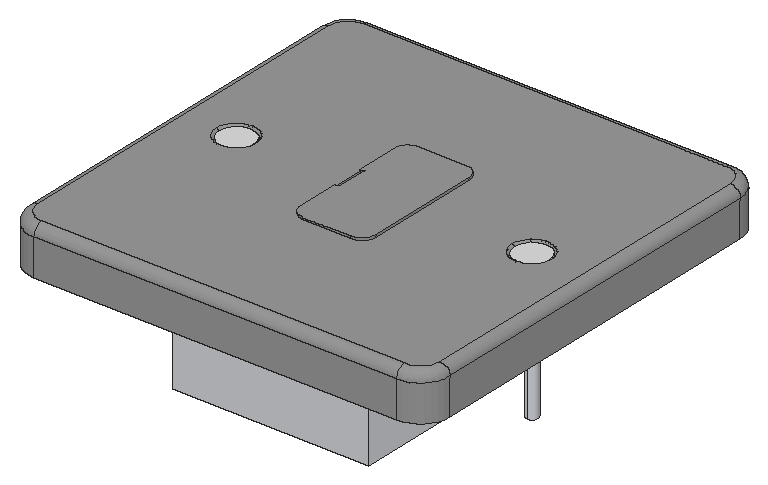
Revit family "ElectricalFixture_WiringAccessories_Hager_Sollysta_PartM_UnSwitchedRedFusedConnectionUnits", category Electrical Fixtures, host Face, Revit 2015
Parameters (values of type "WMSU83R")
  Warranty ID = ""
  Voltage (Volts) = "230V/240V"
  Unique Reference = "WMSSU83RR"
  Type = "ElectricalFixture"
  Technical Description = Description  # "13AFCUUnswitchedWithRedFacePlate"
  Switch = yes
  Supply Phase = "1"
  Size = ""
  Shipping Weight kg = "0.188"
  Shape = "Rectangular"
  RockerMaterial = Hager_RedPartM
  Reference Standard = "BS 1363-2"
  Product URL = "http://www.hager.co.uk/product-catalogue/wiring-accessories/sollysta/white-moulded/white-moulded-sockets/58428.htm"
  Product Range = "Sollysta"
  Product Model Number = "WMSU83R"
  Product Literature = "http://www.hager.co.uk/product-catalogue/wiring-accessories/sollysta/38662.htm"
  Product Group = "WiringAccessories"
  Product Family = "PartMFusedConnectionUnits"
  Packaging Recyclable = yes
  Overall Width = Overall Length  # 86.0 mm
  Overall Length = 86.0 mm
  Overall Height = 86.0 mm
  Overall Depth = 26.07 mm
  Operation and Maintenance Manual = ""
  Name = "PartMFusedConnectionUnits_WMSU83R"
  Measurement Units = "mm"
  Material = Hager_RedPartM
  Manufacturer Website = "http://www.hager.co.uk/"
  Manufacturer Country = "United Kingdom"
  Manufacturer = "Hager"
  LED Indicator Switch = no
  Gross Weight kg = "0.165"
  Frequency = "50/60Hz"
  Flex Outlet = no
  Finish = "Gloss"
  Features = Description  # "13AFCUUnswitchedWithRedFacePlate"
  FaceMaterial = Hager_RedPartM
  Extrusion From Wall = 11.921 mm
  Expected Life = "25 years"
  EAN Code = "5015654759612"
  Design Country = "China"
  Description = "13AFCUUnswitchedWithRedFacePlate"
  Default Elevation = 1219.2 mm
  Colour = "PartMRed"
  CE Approval = yes
Reference planes
  plane 1 "Center (Front/Back)": y = 0
  plane 2: z = 0
  plane 3 "Center (Left/Right)": x = 0
  plane 4: y = -43
  plane 5: y = 43
  plane 6: x = -137
  plane 7: x = -51
  plane 8: z = 9.47
  plane 9: z = -16.6
  plane 10: z = 11.921
  plane 11: y = -471.393
  plane 12: z = -20.53
  plane 13: x = -124.15
  plane 14: x = -63.85
  plane 15: x = -93.992
Forms (mm)
  Extrusion 1, solid, material "Hager_RedPartM" <- "FaceMaterial", detail levels fine
    sketch origin (0, 0, 0) x (1, 0, 0) y (0, 1, 0)
      loop
        arc (-137, -37.005) -> (-135.244, -41.244) -> (-131.005, -43) r 5.995
        line (-131.005, -43) -> (-57.017, -43)
        arc (-57.017, -43) -> (-52.762, -41.238) -> (-51, -36.983) r 6.017
        line (-51, -36.983) -> (-51, 37.035)
        arc (-51, 37.035) -> (-52.747, 41.253) -> (-56.965, 43) r 5.965
        line (-56.965, 43) -> (-131.018, 43)
        arc (-131.018, 43) -> (-135.248, 41.248) -> (-137, 37.018) r 5.982
        line (-137, 37.018) -> (-137, -37.005)
      loop
        circle (-124.15, 0) r 3.228
      loop
        circle (-63.85, 0) r 3.228
      loop
        line (-86.323, -11.794) -> (-86.323, 11.928)
        arc (-86.323, 11.928) -> (-87.145, 13.914) -> (-89.131, 14.736) r 2.808
        line (-89.131, 14.736) -> (-98.84, 14.736)
        arc (-98.84, 14.736) -> (-100.774, 13.935) -> (-101.575, 12.001) r 2.735
        line (-101.575, 12.001) -> (-101.575, -11.881)
        arc (-101.575, -11.881) -> (-100.785, -13.786) -> (-98.88, -14.576) r 2.694
        line (-98.88, -14.576) -> (-89.104, -14.576)
        arc (-89.104, -14.576) -> (-87.137, -13.761) -> (-86.323, -11.794) r 2.781
    from 0 to 9.47
  Sweep 2, void
    path origin (0, 0, 0) x (1, 0, 0) y (0, 1, 0)
      loop
        line (-137, 37.018) -> (-137, -37.005)
        arc (-137, -37.005) -> (-135.244, -41.244) -> (-131.005, -43) r 5.995
        line (-131.005, -43) -> (-57.017, -43)
        arc (-57.017, -43) -> (-52.762, -41.238) -> (-51, -36.983) r 6.017
        line (-51, -36.983) -> (-51, 37.035)
        arc (-51, 37.035) -> (-52.747, 41.253) -> (-56.965, 43) r 5.965
        line (-56.965, 43) -> (-131.018, 43)
        arc (-131.018, 43) -> (-135.248, 41.248) -> (-137, 37.018) r 5.982
    profile origin (-137, 0.007, 0) x (1, 0, 0) y (0, 0, 1)
      loop
        line (0, 9.47) -> (0, 7.462)
        arc (0, 7.462) -> (0.588, 8.882) -> (2.008, 9.47) r 2.008
        line (2.008, 9.47) -> (0, 9.47)
  Sweep 3, void
    path origin (0, 0, 0) x (1, 0, 0) y (0, 1, 0)
      loop
        circle (-63.85, 0) r 3.228
    profile origin (-63.85, 3.228, 0) x (0, -1, 0) y (0, 0, 1)
      loop
        line (0, 9.47) -> (-0.814, 9.47)
        arc (-0.814, 9.47) -> (-0.347, 9.123) -> (0, 8.656) r 2
        line (0, 8.656) -> (0, 9.47)
  Sweep 4, void
    path origin (0, 0, 0) x (1, 0, 0) y (0, 1, 0)
      loop
        circle (-124.15, 0) r 3.228
    profile origin (-124.15, 3.228, 0) x (0, 1, 0) y (0, 0, 1)
      loop
        line (0, 9.47) -> (0, 8.656)
        arc (0, 8.656) -> (0.346, 9.124) -> (0.814, 9.47) r 1.964
        line (0.814, 9.47) -> (0, 9.47)
  Extrusion 5, solid, material "Steel, Chrome Plated", detail levels fine
    sketch origin (0, 0, 0) x (1, 0, 0) y (0, 1, 0)
      loop
        circle (-124.15, 0) r 3.542
    from -1.167 to 9.196
  Extrusion 6, solid, material "Steel, Chrome Plated", detail levels fine
    sketch origin (0, 0, 0) x (-1, 0, 0) y (0, -1, 0)
      loop
        circle (63.85, 0) r 3.542
    from -1.167 to 9.196
  Extrusion 7, solid, detail levels medium
    sketch origin (0, 0, 0) x (1, 0, 0) y (0, 1, 0)
      loop
        line (-137, 43) -> (-137, -43) -> (-51, -43) -> (-51, 43) -> (-137, 43)
    from 0 to 9.47
  Extrusion 8, solid
    sketch origin (-184.307, 0, -1.167) x (0, 1, 0) y (-1, 0, 0)
      loop
        circle (0, -60.15) r 1.2
    from 0 to 19.363
  Extrusion 9, solid
    sketch origin (0, 0, -1.167) x (0, -1, 0) y (1, 0, 0)
      loop
        circle (0, -63.85) r 1.2
    from 0 to 19.363
  Extrusion 10, solid, material "Urea Formaldehyde Thermoset Plastic", detail levels medium
    sketch origin (0, 0, 0) x (1, 0, 0) y (0, 1, 0)
      loop
        line (-137, -43) -> (-51, -43) -> (-51, 43) -> (-137, 43) -> (-137, -43)
    from 0 to 9.47
  Extrusion 11, solid, material "Urea Formaldehyde Thermoset Plastic", visible <- "Flex Outlet", detail levels fine
    sketch origin (0, 0, 0) x (1, 0, 0) y (0, 1, 0)
      loop
        circle (-115.967, -26.562) r 4
    from 9.47 to 9.835
  Extrusion 12, solid, material "Urea Formaldehyde Thermoset Plastic", detail levels fine
    sketch origin (-0.01, 0, 0) x (1, 0, 0) y (0, 1, 0)
      loop
        arc (-101.565, -11.881) -> (-100.775, -13.786) -> (-98.87, -14.576) r 2.694
        line (-98.87, -14.576) -> (-89.094, -14.576)
        arc (-89.094, -14.576) -> (-87.127, -13.761) -> (-86.313, -11.794) r 2.781
        line (-86.313, -11.794) -> (-86.313, 11.928)
        arc (-86.313, 11.928) -> (-87.135, 13.914) -> (-89.121, 14.736) r 2.808
        line (-89.121, 14.736) -> (-98.83, 14.736)
        arc (-98.83, 14.736) -> (-100.764, 13.935) -> (-101.565, 12.001) r 2.735
        line (-101.565, 12.001) -> (-101.565, 3.261) -> (-100.611, 3.261) -> (-100.611, -3.031) -> (-101.565, -3.031) -> (-101.565, -11.881)
    from 7.698 to 9.835
  Extrusion 13, solid
    sketch origin (0, 0, 0) x (1, 0, 0) y (0, 1, 0)
      loop
        line (-113.912, 29.388) -> (-113.912, -28.916) -> (-74.052, -28.916) -> (-74.052, 29.388) -> (-113.912, 29.388)
    from -20.53 to 0
Cuts and joins
  Sweep 2, Sweep 3, Sweep 4 cuts Extrusion 1
Lines and regions (mm)
  model lines, detail levels coarse
    curve 1: line (-137, 43, 0) -> (-51, 43, 0)
    curve 2: line (-137, -43, 0) -> (-137, 43, 0)
    curve 3: line (-51, -43, 0) -> (-137, -43, 0)
    curve 4: line (-51, 43, 0) -> (-51, -43, 0)
    curve 5: arc (-120.108, 0, 0) -> (-124.15, -4.042, 0) -> (-128.192, 0, 0) r 4.042
    curve 6: arc (-128.192, 0, 0) -> (-124.15, 4.042, 0) -> (-120.108, 0, 0) r 4.042
    curve 7: arc (-59.808, 0, 0) -> (-63.85, -4.042, 0) -> (-67.892, 0, 0) r 4.042
    curve 8: arc (-67.892, 0, 0) -> (-63.85, 4.042, 0) -> (-59.808, 0, 0) r 4.042
  model lines
    curve 9: line (-100.621, 3.261, 0) -> (-100.621, -3.031, 0)
    curve 10: line (-100.621, -3.031, 0) -> (-101.575, -3.031, 0)
    curve 11: line (-101.575, -3.031, 0) -> (-101.575, -11.881, 0)
    curve 12: arc (-101.575, -11.881, 0) -> (-100.785, -13.786, 0) -> (-98.88, -14.576, 0) r 2.694
    curve 13: line (-98.88, -14.576, 0) -> (-89.104, -14.576, 0)
    curve 14: arc (-89.104, -14.576, 0) -> (-87.137, -13.761, 0) -> (-86.323, -11.794, 0) r 2.781
    curve 15: line (-86.323, -11.794, 0) -> (-86.323, 11.928, 0)
    curve 16: arc (-86.323, 11.928, 0) -> (-87.145, 13.914, 0) -> (-89.131, 14.736, 0) r 2.808
    curve 17: line (-89.131, 14.736, 0) -> (-98.84, 14.736, 0)
    curve 18: arc (-98.84, 14.736, 0) -> (-100.774, 13.935, 0) -> (-101.575, 12.001, 0) r 2.735
    curve 19: line (-101.575, 12.001, 0) -> (-101.575, 3.261, 0)
    curve 20: line (-101.575, 3.261, 0) -> (-100.621, 3.261, 0)
    curve 21: line (-101.575, -11.881, 0) -> (-101.575, 12.001, 0)
  model lines, visible <- "Flex Outlet"
    curve 22: arc (-119.967, -26.562, 0) -> (-115.967, -30.562, 0) -> (-111.967, -26.562, 0) r 4
    curve 23: arc (-111.967, -26.562, 0) -> (-115.967, -22.562, 0) -> (-119.967, -26.562, 0) r 4
  symbolic lines, style "ElectricalFixtures"
    curve 24: line (-120.142, -504.912, 16.572) -> (-67.984, -504.912, 16.572)
    curve 25: line (-120.142, -504.912, 36.572) -> (-120.142, -504.912, 16.572)
    curve 26: line (-67.984, -504.912, 36.572) -> (-120.142, -504.912, 36.572)
    curve 27: line (-67.984, -504.912, 16.572) -> (-67.984, -504.912, 36.572)
    curve 28: line (-137, -504.912, 26.572) -> (-51, -504.912, 26.572)
Dimensions and locks
  plane 10 to plane 9 = 28.521 mm
  plane 8 to plane 9 = 26.07 mm
  plane 2 to plane 9 = 16.6 mm
  "Overall Length": plane 6 to plane 7
  "Overall Height": plane 4 to plane 5
  "Overall Depth": plane 9 to plane 8
  plane 2 to plane 10 = 11.921 mm
  plane 8 to plane 12 = 30.0 mm
  aligned and locked: plane 2 to host face
  aligned and locked: level to host face
  aligned and locked: Extrusion 1 to plane 8
  aligned and locked: Extrusion 7 to plane 8
  aligned and locked: Extrusion 6 to Extrusion 8
  aligned and locked: Extrusion 9 to Extrusion 5
  aligned and locked: plane 12 to Extrusion 9
  aligned and locked: Extrusion 10 to plane 8
  aligned and locked: Extrusion 10 to level
  aligned and locked: Extrusion 11 to cut or joined group of Extrusion 1, Sweep 2, Sweep 3, Sweep 4
  aligned and locked: Extrusion 8 to Extrusion 13
  aligned and locked: level to Extrusion 13
Automatic sketch dimensions
  host sketch curve to host sketch curve = 2438.4 mm  (x2)
  Extrusion 1 sketch curve to plane 6 = 0.0 mm
  plane 5 to Extrusion 1 sketch curve = 0.0 mm
  plane 4 to Extrusion 1 sketch curve = 0.0 mm
  plane 1 "Center (Front/Back)" to Extrusion 1 sketch curve = 0.0 mm  (x2)
  Extrusion 1 sketch curve to plane 13 = 0.0 mm
  Extrusion 1 sketch curve to plane 14 = 0.0 mm
  plane 6 to Extrusion 1 sketch curve = 5.982 mm
  plane 6 to Extrusion 1 sketch curve = 5.995 mm
  plane 13 to Extrusion 1 sketch curve = 22.575 mm
  Extrusion 1 sketch curve to Extrusion 1 sketch curve = 2.694 mm
  Extrusion 1 sketch curve to Extrusion 1 sketch curve = 2.735 mm
  Extrusion 1 sketch curve to Extrusion 1 sketch curve = 9.709 mm
  Extrusion 1 sketch curve to Extrusion 1 sketch curve = 9.776 mm
  Extrusion 1 sketch curve to Extrusion 1 sketch curve = 2.781 mm
  Extrusion 1 sketch curve to plane 7 = 6.017 mm
  Extrusion 1 sketch curve to plane 7 = 5.965 mm
  plane 7 to Extrusion 1 sketch curve = 0.0 mm
  Sweep 2 sketch curve to plane 6 = 0.0 mm
  plane 5 to Sweep 2 sketch curve = 0.0 mm
  plane 4 to Sweep 2 sketch curve = 0.0 mm
  Sweep 2 sketch curve to Sweep 2 sketch curve = 5.982 mm
  plane 6 to Sweep 2 sketch curve = 5.995 mm
  Sweep 2 sketch curve to plane 7 = 6.017 mm
  Sweep 2 sketch curve to plane 7 = 5.965 mm
  plane 7 to Sweep 2 sketch curve = 0.0 mm
  profile plane to Sweep 2 sketch curve = 0.0 mm
  Sweep 2 sketch curve to Sweep 2 sketch curve = 2.008 mm
  level to Sweep 2 sketch curve = 7.462 mm
  plane 1 "Center (Front/Back)" to Sweep 3 sketch curve = 0.0 mm
  Sweep 3 sketch curve to plane 14 = 0.0 mm
  Sweep 3 sketch curve to profile plane = 0.0 mm
  Sweep 3 sketch curve to Sweep 3 sketch curve = 0.814 mm
  profile plane to Sweep 3 sketch curve = 1.761 mm
  level to Sweep 3 sketch curve = 7.709 mm
  Sweep 3 sketch curve to Sweep 3 sketch curve = 0.947 mm
  Sweep 4 sketch curve to Sweep 4 sketch curve = 0.0 mm  (x2)
  plane 1 "Center (Front/Back)" to Sweep 4 sketch curve = 0.0 mm
  Sweep 4 sketch curve to plane 13 = 0.0 mm
  Sweep 4 sketch curve to plane 13 = 3.228 mm
  Sweep 4 sketch curve to profile plane = 0.0 mm
  Sweep 4 sketch curve to profile plane = 0.814 mm
  Sweep 4 sketch curve to profile plane = 1.735 mm
  level to Sweep 4 sketch curve = 7.735 mm
  Sweep 4 sketch curve to Sweep 4 sketch curve = 0.921 mm
  Extrusion 5 sketch curve to Extrusion 5 sketch curve = 0.0 mm  (x2)
  plane 1 "Center (Front/Back)" to Extrusion 5 sketch curve = 0.0 mm
  Extrusion 5 sketch curve to plane 13 = 0.0 mm
  Extrusion 5 sketch curve to plane 13 = 3.542 mm
  Extrusion 6 sketch curve to Extrusion 6 sketch curve = 0.0 mm  (x2)
  plane 1 "Center (Front/Back)" to Extrusion 6 sketch curve = 0.0 mm
  plane 14 to Extrusion 6 sketch curve = 0.0 mm
  Extrusion 6 sketch curve to plane 14 = 3.542 mm
  plane 4 to Extrusion 7 sketch curve = 0.0 mm
  Extrusion 7 sketch curve to plane 6 = 0.0 mm
  Extrusion 7 sketch curve to plane 7 = 0.0 mm
  plane 5 to Extrusion 7 sketch curve = 0.0 mm
  plane 5 to Extrusion 10 sketch curve = 0.0 mm
  Extrusion 10 sketch curve to plane 6 = 0.0 mm
  Extrusion 10 sketch curve to plane 7 = 0.0 mm
  plane 4 to Extrusion 10 sketch curve = 0.0 mm
  plane 4 to curve 3 = 0.0 mm
  curve 3 to plane 6 = 0.0 mm
  plane 1 "Center (Front/Back)" to curve 6 = 0.0 mm
  curve 6 to plane 13 = 0.0 mm
  plane 1 "Center (Front/Back)" to curve 7 = 0.0 mm
  curve 8 to plane 14 = 0.0 mm
  plane 5 to curve 1 = 0.0 mm
  curve 1 to plane 7 = 0.0 mm
  plane 13 to curve 23 = 8.183 mm
  curve 20 to plane 1 "Center (Front/Back)" = 3.261 mm
  plane 13 to curve 20 = 22.575 mm
  curve 19 to curve 9 = 0.953 mm
  curve 11 to curve 13 = 2.694 mm
  curve 18 to curve 18 = 2.735 mm
  curve 18 to curve 16 = 9.709 mm
  curve 13 to curve 13 = 9.776 mm
  curve 14 to curve 15 = 2.781 mm
  curve 23 to plane 4 = 16.438 mm
  plane 1 "Center (Front/Back)" to curve 9 = 3.031 mm
  curve 15 to plane 1 "Center (Front/Back)" = 11.928 mm
  curve 6 to plane 13 = 4.042 mm
  curve 22 to curve 22 = 4.0 mm
  curve 7 to curve 7 = 4.042 mm
  plane 13 to Extrusion 11 sketch curve = 8.183 mm
  Extrusion 11 sketch curve to plane 4 = 16.438 mm
  plane 13 to Extrusion 12 sketch curve = 22.575 mm
  Extrusion 12 sketch curve to Extrusion 12 sketch curve = 0.0 mm
  Extrusion 12 sketch curve to Extrusion 12 sketch curve = 0.953 mm
  Extrusion 12 sketch curve to Extrusion 12 sketch curve = 2.694 mm
  Extrusion 12 sketch curve to Extrusion 12 sketch curve = 2.735 mm
  Extrusion 12 sketch curve to Extrusion 12 sketch curve = 9.709 mm
  Extrusion 12 sketch curve to Extrusion 12 sketch curve = 9.776 mm
  Extrusion 12 sketch curve to Extrusion 12 sketch curve = 2.781 mm
  plane 1 "Center (Front/Back)" to Extrusion 12 sketch curve = 14.576 mm
  plane 1 "Center (Front/Back)" to Extrusion 12 sketch curve = 3.031 mm
  Extrusion 12 sketch curve to plane 1 "Center (Front/Back)" = 3.261 mm
  Extrusion 12 sketch curve to plane 1 "Center (Front/Back)" = 11.928 mm
  plane 13 to Extrusion 13 sketch curve = 10.238 mm
  Extrusion 13 sketch curve to plane 14 = 10.202 mm
  Extrusion 13 sketch curve to plane 4 = 14.084 mm
  plane 5 to Extrusion 13 sketch curve = 13.612 mm
  curve 28 to plane 6 = 0.0 mm
  curve 28 to plane 7 = 0.0 mm
  curve 24 to plane 10 = 4.651 mm
  plane 13 to curve 24 = 4.008 mm
  curve 27 to plane 14 = 4.134 mm
  curve 28 to plane 10 = 14.651 mm
  curve 28 to curve 25 = 10.0 mm
  plane 1 "Center (Front/Back)" to curve 13 = 14.576 mm
  plane 1 "Center (Front/Back)" to Extrusion 1 sketch curve = 14.576 mm
  Extrusion 1 sketch curve to plane 1 "Center (Front/Back)" = 11.928 mm
  radius of Extrusion 1 sketch curve = 3.228 mm  (x2)
  radius of Sweep 3 sketch curve = 3.228 mm
  radius of Extrusion 8 sketch curve = 1.2 mm
  radius of Extrusion 9 sketch curve = 1.2 mm
  radius of Extrusion 11 sketch curve = 4.0 mm
Connectors
  electrical at (-94.001, 0.008, 0)
    settings: on cut or joined group of Extrusion 1, Sweep 2, Sweep 3, Sweep 4, index 1, voltage 230 V, apparent load 0 VA, apparent load phase1 0 VA, apparent load phase2 0 VA, apparent load phase3 0 VA, power factor 1, load classification "Other", number of poles 1, system type 31, power factor state 1, is connector primary yes, connector utility no, sub classification motor no, connector description ""
